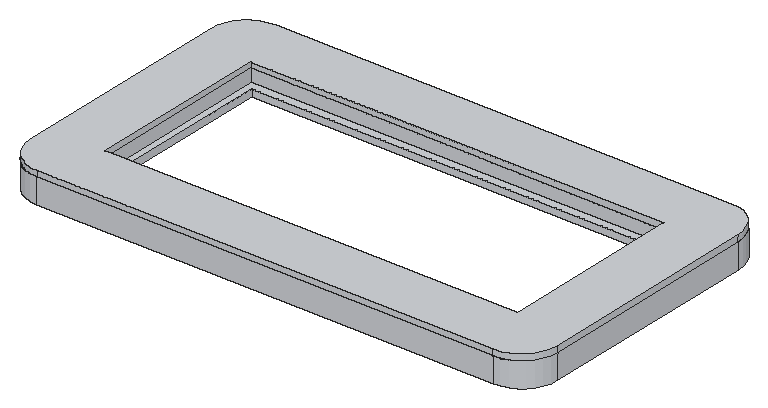
Revit family "Gira_1002423", category Electrical Fixtures, host Face, Revit 2017
Family settings
  Host = Face
  Maintain Annotation Orientation = No
  Round Connector Dimension = Use Diameter
  Part Type = Normal
  Cut with Voids When Loaded = No
  Shared = No
  Room Calculation Point = No
Parameters (values of type "Abdeckrahmen 2f o.M. Gira E3 Dklgrau/Anthrazit")
  Werkstoffgüte = "sonstige"
  Werkstoff = "sonstige"
  URL = "http://katalog.gira.de/de_DE/datenblatt.html?artikelnr=1002423"
  Transparent = "No"
  Textfeld/Beschriftungsfläche = "No"
  Schutzart (IP) = "IP20"
  Region = "DE"
  Oberfläche = "sonstige"
  Name = "Abdeckrahmen 2f o.M. Gira E3 Dklgrau/Anthrazit"
  Montagerichtung = "horizontal und vertikal"
  Mit Montagerahmen = "No"
  Mit Klappdeckel = "No"
  Manufacturer URL = "https://www.gira.de/"
  Keynote = "E3_Rahmen_2fach o.Mittelsteg"
  HeinzeBIM = "https://bimportal.heinze.de/bim/abdeckrahmen-2f-o-m-gira-e3-dklgrau-anthrazit/f5b48665e9df9bb2edc3fe84c9789058faa9aa81"
  Halogenfrei = "No"
  HAN = "1002423"
  Geeignet für Unterputz-Installation = "Yes"
  Geeignet für Unterflurkanaldose = "No"
  Geeignet für Geräteeinbaukanal = "No"
  Geeignet für Einbauinstallation = "No"
  GTIN = "4010337024132"
  Farbe = "grau"
  Default Elevation = 1219.2 mm
  Data sheet (1) = "https://katalog.gira.de/de_DE/download.html?artikelnr=1002423"
  Category = "Abdeckrahmen"
  Befestigungsart = "Klemmbefestigung"
  Available = "Yes"
  Anzahl der Einheiten vertikal = "1 "
  Anzahl der Einheiten horizontal = "1 "
  Anzahl der Einheiten = "1 "
Reference planes
  plane 1 "Center (Front/Back)": y = 0
  plane 2: z = 0
  plane 3 "Center (Left/Right)": x = 0
Forms (mm)
  Extrusion 1, solid
    sketch origin (0, 0, 0) x (1, 0, 0) y (0, 1, 0)
      loop
        arc (-70.233, 45.809) -> (-78.018, 42.585) -> (-81.243, 34.8) r 11.009
        line (-81.243, 34.8) -> (-81.243, -34.8)
        arc (-81.243, -34.8) -> (-78.018, -42.585) -> (-70.233, -45.809) r 11.009
        line (-70.233, -45.809) -> (70.233, -45.809)
        arc (70.233, -45.809) -> (78.018, -42.585) -> (81.243, -34.8) r 11.009
        line (81.243, -34.8) -> (81.243, 34.8)
        arc (81.243, 34.8) -> (78.018, 42.585) -> (70.233, 45.809) r 11.009
        line (70.233, 45.809) -> (-70.233, 45.809)
      loop
        line (63.62, 28.156) -> (-63.62, 28.156) -> (-63.62, -28.156) -> (63.62, -28.156) -> (63.62, 28.156)
    from 7.65 to 9.5
  Extrusion 2, solid
    sketch origin (0, 0, 0) x (1, 0, 0) y (0, 1, 0)
      loop
        line (61.452, 25.7) -> (-61.448, 25.7) -> (-61.448, -25.7) -> (61.452, -25.7) -> (61.452, 25.7)
      loop
        line (-63.935, -28.156) -> (63.939, -28.156) -> (63.939, 28.156) -> (-63.935, 28.156) -> (-63.935, -28.156)
    from 1.65 to 3.9
  Extrusion 3, solid
    sketch origin (0, 0, 0) x (1, 0, 0) y (0, 1, 0)
      loop
        arc (-70.346, 45.809) -> (-78.131, 42.585) -> (-81.355, 34.8) r 11.009
        line (-81.355, 34.8) -> (-81.355, -34.8)
        arc (-81.355, -34.8) -> (-78.131, -42.585) -> (-70.346, -45.809) r 11.009
        line (-70.346, -45.809) -> (70.35, -45.809)
        arc (70.35, -45.809) -> (78.134, -42.585) -> (81.359, -34.8) r 11.009
        line (81.359, -34.8) -> (81.359, 34.8)
        arc (81.359, 34.8) -> (78.134, 42.585) -> (70.35, 45.809) r 11.009
        line (70.35, 45.809) -> (-70.346, 45.809)
      loop
        line (-79.389, 34.785) -> (-79.389, -34.785)
        arc (-79.389, -34.785) -> (-76.736, -41.19) -> (-70.331, -43.843) r 9.058
        line (-70.331, -43.843) -> (70.334, -43.843)
        arc (70.334, -43.843) -> (76.74, -41.19) -> (79.393, -34.785) r 9.058
        line (79.393, -34.785) -> (79.393, 34.785)
        arc (79.393, 34.785) -> (76.74, 41.19) -> (70.334, 43.843) r 9.058
        line (70.334, 43.843) -> (-70.331, 43.843)
        arc (-70.331, 43.843) -> (-76.736, 41.19) -> (-79.389, 34.785) r 9.058
    from 0 to 7.65
  Extrusion 4, solid
    sketch origin (0, 0, 0) x (1, 0, 0) y (0, 1, 0)
      loop
        line (-67.501, -39.8) -> (67.505, -39.8)
        arc (67.505, -39.8) -> (73.119, -36.708) -> (75.352, -30.7) r 9.2
        line (75.352, -30.7) -> (75.352, 30.7)
        arc (75.352, 30.7) -> (72.657, 37.205) -> (66.152, 39.9) r 9.2
        line (66.152, 39.9) -> (-66.148, 39.9)
        arc (-66.148, 39.9) -> (-72.653, 37.205) -> (-75.348, 30.7) r 9.2
        line (-75.348, 30.7) -> (-75.348, -30.7)
        arc (-75.348, -30.7) -> (-73.115, -36.708) -> (-67.501, -39.8) r 9.2
      loop
        line (-66.148, -31.7) -> (66.152, -31.7)
        arc (66.152, -31.7) -> (66.859, -31.407) -> (67.152, -30.7) r 1
        line (67.152, -30.7) -> (67.152, 30.7)
        arc (67.152, 30.7) -> (66.859, 31.407) -> (66.152, 31.7) r 1
        line (66.152, 31.7) -> (-66.148, 31.7)
        arc (-66.148, 31.7) -> (-66.855, 31.407) -> (-67.148, 30.7) r 1
        line (-67.148, 30.7) -> (-67.148, -30.7)
        arc (-67.148, -30.7) -> (-66.855, -31.407) -> (-66.148, -31.7) r 1
    from 1.65 to 3.9
  Extrusion 5, solid
    sketch origin (0, 0, 0) x (1, 0, 0) y (0, 1, 0)
      loop
        line (-63.62, 28.156) -> (-63.62, -28.156) -> (63.62, -28.156) -> (63.62, 28.156) -> (-63.62, 28.156)
      loop
        line (-66.692, 27.327) -> (-66.692, -27.327)
        arc (-66.692, -27.327) -> (-65.601, -29.977) -> (-62.954, -31.075) r 3.739
        line (-62.954, -31.075) -> (62.958, -31.075)
        arc (62.958, -31.075) -> (65.601, -29.98) -> (66.696, -27.337) r 3.739
        line (66.696, -27.337) -> (66.696, 27.337)
        arc (66.696, 27.337) -> (65.601, 29.98) -> (62.958, 31.075) r 3.739
        line (62.958, 31.075) -> (-62.954, 31.075)
        arc (-62.954, 31.075) -> (-65.601, 29.977) -> (-66.692, 27.327) r 3.739
    from 1.65 to 7.65
  Extrusion 6, solid, detail levels coarse+medium
    sketch origin (0, 0, 0) x (1, 0, 0) y (0, 1, 0)
      loop
        line (-81.355, 45.809) -> (-81.355, -45.809) -> (81.359, -45.809) -> (81.359, 45.809) -> (-81.355, 45.809)
    from 0 to 9.5
Dimensions and locks
  aligned and locked: plane 2 to host face
  aligned and locked: level to host face
